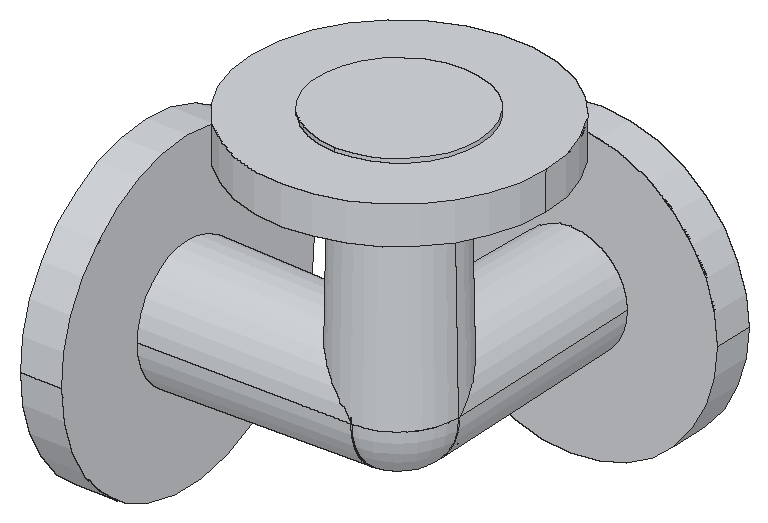
Revit family "1eae76c1dfeb483690d02fe200a136bb", category Pipe Fittings, Revit 2021
Family settings
  Round Connector Dimension = Use Radius
  Part Type = Multi Port
  OmniClass Number = 23.60.30.11.14
  OmniClass Title = Pipework Fittings
  Seek Item ID = Elbow Reducing Side-Outlet - Flanged - GI - Class 250-0000-USA-ENU
  Work Plane-Based = No
  Always vertical = Yes
  Cut with Voids When Loaded = No
  Shared = No
Parameters (values of type "Standard")
  Wall Thickness 3 [instance] = size_lookup(Lookup Table Name, "WThk", 0.06 * Nominal Diameter 3 + 97/256", Nominal Diameter 3)  # 0.43701"
  Wall Thickness 2 [instance] = size_lookup(Lookup Table Name, "WThk", 0.06 * Nominal Diameter 2 + 97/256", Nominal Diameter 2)  # 0.43701"
  Wall Thickness 1 [instance] = size_lookup(Lookup Table Name, "WThk", 0.06 * Nominal Diameter 1 + 97/256", Nominal Diameter 1)  # 0.43701"
  Tick Size 3 [instance] = Flange Diameter 3 * 0.4  # 1.95276"
  Tick Size 2 [instance] = Flange Diameter 2 * 0.4  # 1.95276"
  Tick Size 1 [instance] = Flange Diameter 1 * 0.4  # 2.09449"
  Raised Face Thickness [instance] = 1/16"  # constant formula
  Raised Face Radius 3 [instance] = Raised Face Diameter 3 / 2  # 1.33858"
  Raised Face Radius 2 [instance] = Raised Face Diameter 2 / 2  # 1.33858"
  Raised Face Radius 1 [instance] = Raised Face Diameter 1 / 2  # 1.53543"
  Raised Face Diameter 3 [instance] = size_lookup(Lookup Table Name, "RFD", 1.2 * Nominal Diameter 3 + 2 1/256", Nominal Diameter 3)  # 2.67717"
  Raised Face Diameter 2 [instance] = size_lookup(Lookup Table Name, "RFD", 1.2 * Nominal Diameter 2 + 2 1/256", Nominal Diameter 2)  # 2.67717"
  Raised Face Diameter 1 [instance] = size_lookup(Lookup Table Name, "RFD", 1.2 * Nominal Diameter 1 + 2 1/256", Nominal Diameter 1)  # 3.07087"
  Nominal Radius 3 [instance] = 1/2"
  Nominal Radius 2 [instance] = 1/2"
  Nominal Diameter 3 [instance] = Nominal Radius 3 * 2  # 1"
  Nominal Diameter 2 [instance] = Nominal Radius 2 * 2  # 1"
  Loss Method = Not Defined
  Lookup Table Name = "Elbow Reducing Side-Outlet - Flanged - GI - Class 250"
  Length 9 [instance] = Center to Face + Center to Face * cos(Angle 2)  # 4.25197"
  Length 8 [instance] = Center to Face * sin(Angle 1)  # 4.25197"
  Length 7 [instance] = Center to Face + Center to Face * cos(Angle 1)  # 4.25197"
  Length 6 [instance] = Length 4 * sin(Angle 2)  # 3.56299"
  Length 5 [instance] = Center to Face + Length 4 * cos(Angle 2)  # 4.25197"
  Length 4 [instance] = Center to Face - Flange Thickness 3  # 3.56299"
  Length 3 [instance] = Length 1 * sin(Angle 1)  # 3.56299"
  Length 2 [instance] = Center to Face + Length 1 * cos(Angle 1)  # 4.25197"
  Length 17 [instance] = Center to Face - Flange Thickness 3  # 3.56299"
  Length 16 [instance] = Center to Face - Fitting Outside Radius 4 * cos(Angle 2)  # 4.25197"
  Length 15 [instance] = Fitting Outside Radius 4 * sin(Angle 2)  # 0.99803"
  Length 14 [instance] = Center to Face - Fitting Outside Radius 4 * cos(Angle 2)  # 4.25197"
  Length 13 [instance] = Fitting Outside Radius 4 * sin(Angle 2)  # 0.99803"
  Length 12 [instance] = Flange Thickness 3 - Raised Face Thickness  # 0.62648"
  Length 11 [instance] = Flange Thickness 2 - Raised Face Thickness  # 0.62648"
  Length 10 [instance] = Center to Face * sin(Angle 2)  # 4.25197"
  Length 1 [instance] = Center to Face - Flange Thickness 2  # 3.56299"
  Max Nominal Diameter 123 [instance] = if(Max Nominal Diameter 12 > Nominal Diameter 3, Max Nominal Diameter 12, Nominal Diameter 3)  # 1 1/4"
  Max Nominal Diameter 12 [instance] = if(Nominal Diameter 1 > Nominal Diameter 2, Nominal Diameter 1, Nominal Diameter 2)  # 1 1/4"
  Flange Thickness 3 [instance] = size_lookup(Lookup Table Name, "FThk", 0.08 * Nominal Diameter 3 + 217/256", Nominal Diameter 3)  # 0.68898"
  Flange Thickness 2 [instance] = size_lookup(Lookup Table Name, "FThk", 0.08 * Nominal Diameter 2 + 217/256", Nominal Diameter 2)  # 0.68898"
  Flange Radius 3 [instance] = Flange Diameter 3 / 2  # 2.44094"
  Flange Radius 2 [instance] = Flange Diameter 2 / 2  # 2.44094"
  Flange Diameter 3 [instance] = size_lookup(Lookup Table Name, "FDia", 1.34 * Nominal Diameter 3 + 4 3/16", Nominal Diameter 3)  # 4.88189"
  Flange Diameter 2 [instance] = size_lookup(Lookup Table Name, "FDia", 1.34 * Nominal Diameter 2 + 4 3/16", Nominal Diameter 2)  # 4.88189"
  Fitting Outside Radius 3 [instance] = Fitting Outside Diameter 3 / 2  # 0.92913"
  Fitting Outside Radius 4 [instance] = (Fitting Outside Radius 1 + Fitting Outside Radius 2) / 2  # 0.99803"
  Fitting Outside Radius 2 [instance] = Fitting Outside Diameter 2 / 2  # 0.92913"
  Fitting Outside Radius 1 [instance] = Fitting Outside Diameter 1 / 2  # 1.06693"
  Fitting Outside Diameter 2 [instance] = Fitting Inside Diameter 2 + Wall Thickness 2 * 2  # 1.85827"
  Fitting Outside Diameter 1 [instance] = Fitting Inside Diameter 1 + Wall Thickness 1 * 2  # 2.13386"
  Nominal Radius 1 [instance] = 5/8"
  Nominal Diameter 1 [instance] = Nominal Radius 1 * 2  # 1 1/4"
  Fitting Outside Diameter 3 [instance] = Fitting Inside Diameter 3 + Wall Thickness 3 * 2  # 1.85827"
  Fitting Inside Diameter 3 [instance] = size_lookup(Lookup Table Name, "FID", 1.02 * Nominal Diameter 3 - 11/256", Nominal Diameter 3)  # 0.98425"
  Fitting Inside Diameter 2 [instance] = size_lookup(Lookup Table Name, "FID", 1.02 * Nominal Diameter 2 - 11/256", Nominal Diameter 2)  # 0.98425"
  Fitting Inside Diameter 1 [instance] = size_lookup(Lookup Table Name, "FID", 1.02 * Nominal Diameter 1 - 11/256", Nominal Diameter 1)  # 1.25984"
  Default Elevation = 0' - 0"
  Center to Face [instance] = size_lookup(Lookup Table Name, "CtF", 0.68 * Max Nominal Diameter 123 + 3 49/64", Max Nominal Diameter 123)  # 4.25197"
  Flange Thickness 1 [instance] = size_lookup(Lookup Table Name, "FThk", 0.08 * Nominal Diameter 1 + 217/256", Nominal Diameter 1)  # 0.74803"
  Flange Radius 1 [instance] = Flange Diameter 1 / 2  # 2.61811"
  Flange Diameter 1 [instance] = size_lookup(Lookup Table Name, "FDia", 1.34 * Nominal Diameter 1 + 4 3/16", Nominal Diameter 1)  # 5.23622"
  Assembly Code = ""
  Angle 3 [instance] = 90.00° - Angle 2  # 0.00°
  Angle 2 [instance] = 90.00°
  Angle 1 [instance] = 90.00°
Reference planes (in)
  plane 1 "Center (Front/Back)": y = 0
  plane 2: z = 0
  plane 3 "Center (Left/Right)": x = 0
  plane 4: x = -4.25197
  plane 5: x = -4.18947
  plane 6: x = -3.50394
  plane 7: y = 3.56299
  plane 8: x = 0
  plane 9: y = 4.25197
  plane 10: x = 0
  plane 11: z = 3.56299
  plane 12: x = 0
  plane 13: z = 4.25197
  plane 14: x = 0
  plane 15: x = -3.50394
  plane 16: x = 0
  plane 17: z = -0.99803
  plane 18: x = 0
  plane 19: z = -0.99803
Forms (in)
  Sweep 1, solid, detail levels fine
    path in 3D
      loop
        line (-4.25197, 0, 0) -> (-4.18947, 0, 0)
    profile origin (-4.22072, 0, 0) x (0, 1, 0) y (0, 0, 1)
      loop
        circle (0, 0) r 1.53543
  Sweep 2, solid, detail levels fine
    path in 3D
      loop
        line (-4.18947, 0, 0) -> (-3.50394, 0, 0)
    profile origin (-3.8467, 0, 0) x (0, 1, 0) y (0, 0, 1)
      loop
        circle (0, 0) r 2.61811
  SweptBlend 3, solid, detail levels fine
    path in 3D
      loop
        line (-3.50394, 0, 0) -> (0, 0, 0)
    profile origin (-3.50394, 0, 0) x (0, 1, 0) y (0, 0, 1)
      loop
        circle (0, 0) r 1.06693
    end profile origin (0, 0, 0) x (0, 1, 0) y (0, 0, 1)
      loop
        circle (0, 0) r 0.99803
  SweptBlend 4, solid, detail levels fine
    path in 3D
      loop
        line (0, 0, 0) -> (0, 3.56299, 0)
    profile origin (0, 0, 0) x (-1, 0, 0) y (0, 0, 1)
      loop
        circle (0, 0) r 0.99803
    end profile origin (0, 3.56299, 0) x (-1, 0, 0) y (0, 0, 1)
      loop
        circle (0, 0) r 0.92913
  Sweep 5, solid, detail levels fine
    path in 3D
      loop
        line (0, 0, 3.56299) -> (0, 0, 4.18947)
    profile origin (0, 0, 3.87623) x (-1, 0, 0) y (0, -1, 0)
      loop
        circle (0, 0) r 2.44094
  Sweep 6, solid, detail levels fine
    path in 3D
      loop
        line (0, 0, 4.25197) -> (0, 0, 4.18947)
    profile origin (0, 0, 4.22072) x (0, -1, 0) y (1, 0, 0)
      loop
        circle (0, 0) r 1.33858
  Sweep 7, solid, detail levels fine
    path in 3D
      loop
        line (0, 3.56299, 0) -> (0, 4.18947, 0)
    profile origin (0, 3.87623, 0) x (-1, 0, 0) y (0, 0, 1)
      loop
        circle (0, 0) r 2.44094
  Sweep 8, solid, detail levels fine
    path in 3D
      loop
        line (0, 4.25197, 0) -> (0, 4.18947, 0)
    profile origin (0, 4.22072, 0) x (1, 0, 0) y (0, 0, 1)
      loop
        circle (0, 0) r 1.33858
  SweptBlend 9, solid, detail levels fine
    path in 3D
      loop
        line (0, 0, 0) -> (0, 0, 3.56299)
    profile origin (0, 0, 0) x (-1, 0, 0) y (0, -1, 0)
      loop
        circle (0, 0) r 0.99803
    end profile origin (0, 0, 3.56299) x (-1, 0, 0) y (0, -1, 0)
      loop
        circle (0, 0) r 0.92913
  Revolve 10, solid, detail levels fine
    sketch origin (0, 0, 0) x (0, 0, -1) y (1, 0, 0)
      loop
        line (0, 0) -> (0.99803, 0)
        arc (0.99803, 0) -> (0.70571, 0.70571) -> (0, 0.99803) r 0.99803
        line (0, 0.99803) -> (0, 0)
      axis (0.99803, 0) -> (0, 0)
    angle from 0 to 360
Cuts and joins
  joined: Sweep 5, Sweep 6, SweptBlend 9
  joined: Sweep 1, Sweep 2, SweptBlend 3
  joined: SweptBlend 4, Sweep 7, Sweep 8
Lines and regions (in)
  model lines, detail levels coarse+medium
    curve 1: line (-4.25197, 0, 0) -> (-4.18947, 0, 0)
    curve 2: line (-4.18947, 0, 0) -> (-3.50394, 0, 0)
    curve 5: line (-3.50394, 0, 0) -> (0, 0, 0)
    curve 7: line (0, 0, 0) -> (0, 3.56299, 0)
    curve 8: line (0, 4.25197, 0) -> (0, 4.18947, 0)
    curve 10: line (0, 0, 0) -> (0, 0, 3.56299)
    curve 11: line (0, 0, 3.56299) -> (0, 0, 4.18947)
    curve 12: line (0, 0, 4.25197) -> (0, 0, 4.18947)
    curve 16: line (0, 3.56299, 0) -> (0, 4.18947, 0)
    curve 21: line (0, 0, 4.25197) -> (-1.95276, 0, 4.25197)
    curve 22: line (1.95276, 0, 4.25197) -> (0, 0, 4.25197)
    curve 23: line (-4.25197, 2.09449, 0) -> (-4.25197, 0, 0)
    curve 24: line (-4.25197, -2.09449, 0) -> (-4.25197, 0, 0)
    curve 25: line (0, 4.25197, 0) -> (-1.95276, 4.25197, 0)
    curve 26: line (0, 4.25197, 0) -> (1.95276, 4.25197, 0)
  sketch lines
    curve 3: line (-4.25197, 0, 0) -> (-4.18947, 0, 0)
    curve 4: line (-4.18947, 0, 0) -> (-3.50394, 0, 0)
    curve 6: line (-3.50394, 0, 0) -> (0, 0, 0)
    curve 9: line (0, 0, 0) -> (0, 3.56299, 0)
    curve 13: line (0, 0, 3.56299) -> (0, 0, 4.18947)
    curve 14: line (0, 0, 4.25197) -> (0, 0, 4.18947)
    curve 18: line (0, 3.56299, 0) -> (0, 4.18947, 0)
    curve 19: line (0, 4.25197, 0) -> (0, 4.18947, 0)
    curve 27: line (0, 0, 0) -> (0, 0, 3.56299)
  reference lines
    curve 15: line (-4.25197, 0, 0) -> (-3.50394, 0, 0)
    curve 17: line (0, 4.25197, 0) -> (0, 3.56299, 0)
    curve 20: line (0, 0, 4.25197) -> (0, 0, 3.56299)
    curve 28: line (0, 0, 0) -> (0, 0, -0.99803)
    curve 29: arc (0, 0, -0.99803) -> (0.70571, 0, -0.70571) -> (0.99803, 0, 0) r 0.99803
    curve 30: line (0, 0, 0) -> (0.99803, 0, 0)
    curve 31: line (0, 0, -0.99803) -> (0, 0, 0)
    curve 32: arc (0, 0, -0.99803) -> (0.70571, 0, -0.70571) -> (0.99803, 0, 0) r 0.99803
    curve 33: line (0, 0, 0) -> (0.99803, 0, 0)
Dimensions and locks (in)
  "Center to Face": plane 4 to plane 3 "Center (Left/Right)"
  "Raised Face Thickness": plane 4 to plane 5
  "Flange Thickness 1": plane 4 to plane 6
  "Length 1": curve 7 to curve 7
  "Length 3": plane 7 to plane 1 "Center (Front/Back)"
  "Length 2": plane 4 to plane 8
  "Length 8": plane 1 "Center (Front/Back)" to plane 9
  "Length 7": plane 4 to plane 10
  "Raised Face Thickness": curve 8 to curve 8
  "Length 4": curve 10 to curve 10
  "Length 6": plane 11 to plane 2
  "Length 5": plane 12 to plane 4
  "Length 10": plane 13 to plane 2
  "Length 9": plane 14 to plane 4
  "Length 12": curve 11 to curve 11
  "Raised Face Thickness": curve 12 to curve 12
  locked: plane 4 to plane 15 at 0.74803
  "Length 11": curve 16 to curve 16
  locked: curve 17 to curve 17 at 0.68898
  locked: curve 20 to curve 20 at 0.68898
  "Tick Size 3": curve 21 to curve 21
  "Tick Size 3": curve 22 to curve 22
  "Tick Size 1": curve 23 to curve 23
  "Tick Size 1": curve 24 to curve 24
  "Tick Size 2": curve 25 to curve 25
  "Tick Size 2": curve 26 to curve 26
  "Length 15": plane 2 to plane 17
  "Length 13": plane 2 to plane 19
  "Length 14": plane 18 to plane 4
  "Length 16": plane 16 to plane 4
  "Fitting Outside Radius 4": curve 28 to curve 28
  "Fitting Outside Radius 4": curve 30 to curve 30
  locked: Revolve 10 sketch curve to Revolve 10 sketch curve at 0.99803
  locked: curve 31 to curve 31 at 0.99803
  locked: curve 33 to curve 33 at 0.99803
  "Raised Face Radius 1": radius of Sweep 1 sketch curve
  "Flange Radius 1": radius of Sweep 2 sketch curve
  "Fitting Outside Radius 1": radius of SweptBlend 3 sketch curve
  "Fitting Outside Radius 4": radius of SweptBlend 3 sketch curve
  "Fitting Outside Radius 4": radius of SweptBlend 4 sketch curve
  "Fitting Outside Radius 2": radius of SweptBlend 4 sketch curve
  "Flange Radius 3": radius of Sweep 5 sketch curve
  "Raised Face Radius 3": radius of Sweep 6 sketch curve
  "Flange Radius 2": radius of Sweep 7 sketch curve
  "Raised Face Radius 2": radius of Sweep 8 sketch curve
  "Fitting Outside Radius 4": radius of SweptBlend 9 sketch curve
  "Fitting Outside Radius 3": radius of SweptBlend 9 sketch curve
  "Angle 1": angle plane 1 "Center (Front/Back)" to curve 7
  "Angle 1": angle plane 9 to curve 8
  "Angle 2": angle plane 2 to curve 10
  "Angle 2": angle plane 11 to curve 11
  "Angle 2": angle plane 13 to curve 12
  "Angle 1": angle plane 7 to curve 16
  "Angle 1": angle plane 9 to curve 17
  "Angle 2": angle plane 13 to curve 20
  locked: curve 21 to curve 11 (angle 90.00°)
  locked: curve 11 to curve 22 (angle 90.00°)
  locked: curve 2 to curve 23 (angle 90.00°)
  locked: curve 25 to curve 16 (angle 90.00°)
  locked: curve 16 to curve 26 (angle 90.00°)
  "Angle 2": angle plane 2 to curve 28
  locked: curve 29 to curve 29 (angle 90.00°)
  locked: curve 28 to curve 30 (angle 90.00°)
  "Angle 2": angle plane 2 to Revolve 10 sketch curve
  "Angle 2": angle plane 17 to curve 31
  locked: curve 32 to curve 32 (angle 90.00°)
  locked: curve 31 to curve 33 (angle 90.00°)
  aligned and locked: plane 5 to curve 2
  aligned and locked: plane 6 to curve 2
  aligned and locked: plane 1 "Center (Front/Back)" to curve 2
  aligned and locked: plane 1 "Center (Front/Back)" to curve 5
  aligned and locked: plane 1 "Center (Front/Back)" to curve 7
  aligned and locked: plane 2 to curve 10
  aligned and locked: plane 3 "Center (Left/Right)" to curve 10
  aligned and locked: plane 4 to curve 15
  aligned and locked: plane 15 to curve 15
  aligned and locked: plane 1 "Center (Front/Back)" to curve 15
  aligned and locked: plane 8 to curve 16
  aligned and locked: plane 9 to curve 17
  aligned and locked: plane 10 to curve 17
  aligned and locked: plane 13 to curve 20
  aligned and locked: plane 14 to curve 20
  aligned and locked: curve 23 to plane 4
  aligned and locked: plane 1 "Center (Front/Back)" to curve 24
  aligned and locked: plane 4 to curve 24
  aligned and locked: plane 2 to curve 7
  aligned: plane 3 "Center (Left/Right)" to plane 10
  aligned and locked: plane 2 to curve 29
  aligned and locked: plane 19 to curve 29
  aligned and locked: plane 3 "Center (Left/Right)" to curve 30
  aligned and locked: plane 2 to curve 30
  aligned and locked: Revolve 10 sketch curve to curve 28
  aligned and locked: Revolve 10 sketch curve to curve 30
  aligned and locked: Revolve 10 sketch curve to curve 29
  aligned and locked: plane 3 "Center (Left/Right)" to Revolve 10 sketch curve
  aligned and locked: plane 2 to Revolve 10 sketch curve
  aligned and locked: plane 17 to curve 31
  aligned and locked: plane 16 to curve 31
  aligned and locked: plane 16 to curve 32
  aligned and locked: plane 2 to curve 32
  aligned and locked: plane 3 "Center (Left/Right)" to curve 33
  aligned and locked: plane 2 to curve 33
Automatic sketch dimensions
  Sweep 1 sketch curve to profile plane = 0' - 0"  (x2)
  Sweep 2 sketch curve to profile plane = 0' - 0"  (x2)
  SweptBlend 3 sketch curve to profile plane = 0' - 0"  (x4)
  SweptBlend 4 sketch curve to profile plane = 0' - 0"  (x4)
  Sweep 5 sketch curve to profile plane = 0' - 0"  (x2)
  Sweep 6 sketch curve to profile plane = 0' - 0"  (x2)
  Sweep 7 sketch curve to profile plane = 0' - 0"  (x2)
  Sweep 8 sketch curve to profile plane = 0' - 0"  (x2)
  SweptBlend 9 sketch curve to profile plane = 0' - 0"  (x2)
  profile plane to SweptBlend 9 sketch curve = 0' - 0"  (x2)
  curve 28 to plane 18 = 0' - 0"
  curve 28 to plane 19 = 0' - 0"
Connectors (in)
  piping at (-4.25197, 0, 0), diameter 1.25, driven by "Nominal Radius 1", driven by "Angle 1"
    settings: on cut or joined group of Sweep 1, Sweep 2, SweptBlend 3, index 1, connector inside diameter 1 1/4", connector length 0' - 0", flow factor 0, pipe flow 0 GPM, pressure drop 0.00 psi, fitting loss kfactor 0, connector angle 90.00°, fixture units 0, engagement length 0' - 0", angle of deflection 0.00°, flow configuration 0, flow direction 0, fitting loss method 0, system type 28, joint type 0, gender type 0, connector reference index 2, connector utility 0, adjustable connector no, is connector primary yes, connector description ""
  piping at (0, 4.25197, 0), diameter 1, driven by "Nominal Radius 2", driven by "Angle 1"
    settings: on cut or joined group of SweptBlend 4, Sweep 7, Sweep 8, index 2, connector inside diameter 1", connector length 0' - 0", flow factor 0, pipe flow 0 GPM, pressure drop 0.00 psi, fitting loss kfactor 0, connector angle 90.00°, fixture units 0, engagement length 0' - 0", angle of deflection 0.00°, flow configuration 0, flow direction 0, fitting loss method 0, system type 28, joint type 0, gender type 0, connector reference index 1, connector utility 0, adjustable connector no, is connector primary no, connector description ""
  piping at (0, 0, 4.25197), diameter 1, driven by "Nominal Radius 3", driven by "Angle 2"
    settings: on cut or joined group of Sweep 5, Sweep 6, SweptBlend 9, index 3, connector inside diameter 1", connector length 0' - 0", flow factor 0, pipe flow 0 GPM, pressure drop 0.00 psi, fitting loss kfactor 0, connector angle 90.00°, fixture units 0, engagement length 0' - 0", angle of deflection 0.00°, flow configuration 0, flow direction 0, fitting loss method 0, system type 28, joint type 0, gender type 0, connector reference index -1, connector utility 0, adjustable connector no, is connector primary no, connector description ""
